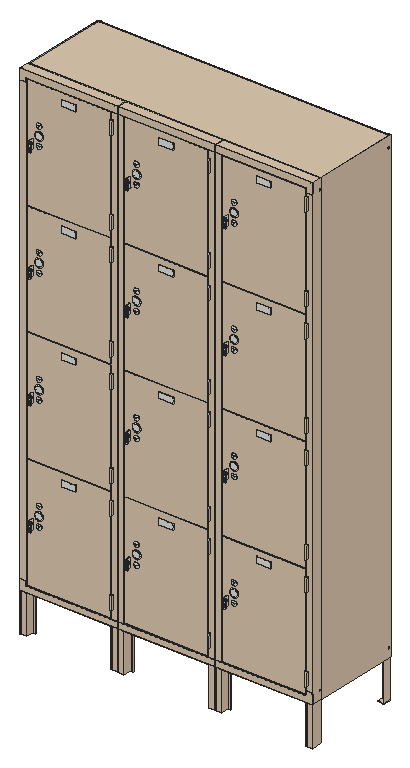
Revit family "Metal_Vented_Lockers-Salsbury_Industries-84000_Series-3_Wide_Units", category Specialty Equipment, Revit 2016 (continued)
Nested families (in)
  nested 65: "Metal Locker Front Base" at (-9.02667, -1.5, 0), type <- "Front Base", type "None"
  nested 66: "Metal Locker Front Base" at (21, -1.5, 0), type <- "Front Base", type "None"
Definition of nested family "Metal Locker Legs - 3 Wide"
  Parameters (values of type "6" High - 45"W x 15"D")
    Width = 45.040"
    Visible = yes
    Version = "1.0 (11/30/15)"
    Type Comments = "Standard Metal Locker Legs"
    Primary Structure Material = none
    Model = "n/a"
    MasterFormat Title = ""
    MasterFormat Number = ""
    Manufacturer = "Salsbury Industries"
    Description = "45\"W x 6\" H x 15\"D"
    Depth = 15.010"
    Height = 6.000"
    Assembly Code = ""
  Types (6): name | Width | Visible | Type Comments | Description | Depth
    6" High - 36" W x 12" D | 36.040" | yes | "Standard Metal Locker Legs" | "36\"W x 6\" H x 12\"D" | 12.010"
    6" High - 36" W x 15" D | 36.040" | yes | "Standard Metal Locker Legs" | "36\"W x 6\" H x 15\"D" | 15.010"
    6" High - 36"W x 18"D | 36.040" | yes | "Standard Metal Locker Legs" | "36\"W x 6\" H x 18\"D" | 18.010"
    6" High - 45"W x 15"D | 45.040" | yes | "Standard Metal Locker Legs" | "45\"W x 6\" H x 15\"D" | 15.010"
    6" High - 45"W x 18"D | 45.040" | yes | "Standard Metal Locker Legs" | "45\"W x 6\" H x 18\"D" | 18.010"
    No Legs | 36.040" | no | "No Legs" | "" | 12.010"
  Reference planes (in)
    plane 1 "Center (Front/Back)": y = 0
    plane 2: z = 0
    plane 3 "Center (Left/Right)": x = 0
    plane 4 "Floor": z = 0
    plane 5 "Bottom of Unit": z = 6
    plane 6 "Left Side of Unit": x = -22.52
    plane 7 "Right Side of Unit": x = 22.52
    plane 8 "Back of Unit": y = 7.505
    plane 9 "Front of Unit": y = -7.505
    plane 10 "Right Side of Door Opening": x = 21.52
    plane 11 "Left Side of Door Opening": x = -21.52
    plane 12 "Top of back legs": z = 6.185
    plane 13 "Back Edge of Front Facing": y = -5.917
    plane 14 "Inside Edge of Front Leg": x = -21.08
    plane 15 "Inside Edge of Right Leg": x = 21.08
    plane 16: y = -6.32
    plane 17 "Back Edge of Rear Legs": y = 7.395
    plane 18 "Right Edge of Rear Right Leg": x = 22.4
    plane 19 "Left Edge or Rear Left Leg": x = -22.4
    plane 20: y = 6.395
    plane 21 "Inside Edge or Rear Right Leg": x = 21.4
    plane 22 "Inside Edge or Left Rear Leg": x = -21.4
    plane 23: x = 7.50667
    plane 24: x = -7.50667
  Forms (in)
    Extrusion 1, solid, material <- "Primary Structure Material", visible <- "Visible"
      sketch origin (0, 0, 0) x (0, -1, 0) y (1, 0, 0)
        loop
          line (5.917, 22.52) -> (5.917, 22.46) -> (7.445, 22.46) -> (7.445, 21.58) -> (6.26, 21.58) -> (6.26, 21.08) -> (6.32, 21.08) -> (6.32, 21.52) -> (7.505, 21.52) -> (7.505, 22.52) -> (5.917, 22.52)
      from 0 to 6
    Extrusion 2, solid, material <- "Primary Structure Material", visible <- "Visible"
      sketch origin (0, 0, 0) x (0, -1, 0) y (1, 0, 0)
        loop
          line (5.917, -22.52) -> (7.505, -22.52) -> (7.505, -21.52) -> (6.32, -21.52) -> (6.32, -21.08) -> (6.26, -21.08) -> (6.26, -21.58) -> (7.445, -21.58) -> (7.445, -22.46) -> (5.917, -22.46) -> (5.917, -22.52)
      from 0 to 6
    Extrusion 3, solid, material <- "Primary Structure Material", visible <- "Visible"
      sketch origin (0, 0, 0) x (0, -1, 0) y (1, 0, 0)
        loop
          line (-7.395, 22.4) -> (-7.395, 21.4) -> (-7.335, 21.4) -> (-7.335, 22.34) -> (-6.395, 22.34) -> (-6.395, 22.4) -> (-7.395, 22.4)
      from 0.06 to 6.185
    Extrusion 4, solid, material <- "Primary Structure Material", visible <- "Visible"
      sketch origin (0, 0, 0) x (0, -1, 0) y (1, 0, 0)
        loop
          line (-7.395, 22.4) -> (-7.395, 21.4) -> (-6.395, 21.4) -> (-6.395, 22.4) -> (-7.395, 22.4)
      from 0 to 0.06
    Extrusion 5, solid, material <- "Primary Structure Material", visible <- "Visible"
      sketch origin (0, 0, 0) x (0, -1, 0) y (1, 0, 0)
        loop
          line (-7.395, -22.4) -> (-6.395, -22.4) -> (-6.395, -22.34) -> (-7.335, -22.34) -> (-7.335, -21.4) -> (-7.395, -21.4) -> (-7.395, -22.4)
      from 0.06 to 6.185
    Extrusion 6, solid, material <- "Primary Structure Material", visible <- "Visible"
      sketch origin (0, 0, 0) x (0, -1, 0) y (1, 0, 0)
        loop
          line (-7.395, -22.4) -> (-6.395, -22.4) -> (-6.395, -21.4) -> (-7.395, -21.4) -> (-7.395, -22.4)
      from 0 to 0.06
    Extrusion 7, solid, material <- "Primary Structure Material", visible <- "Visible"
      sketch origin (12, 0, 0) x (0, -1, 0) y (1, 0, 0)
        loop
          line (5.917, -19.50667) -> (7.505, -19.50667) -> (7.505, -18.50667) -> (6.32, -18.50667) -> (6.32, -18.06667) -> (6.26, -18.06667) -> (6.26, -18.56667) -> (7.445, -18.56667) -> (7.445, -19.44667) -> (5.917, -19.44667) -> (5.917, -19.50667)
      from 0 to 6
    Extrusion 8, solid, material <- "Primary Structure Material", visible <- "Visible"
      sketch origin (24.04, 0, 0) x (0, -1, 0) y (1, 0, 0)
        loop
          line (5.917, -16.53333) -> (7.505, -16.53333) -> (7.505, -15.53333) -> (6.32, -15.53333) -> (6.32, -15.09333) -> (6.26, -15.09333) -> (6.26, -15.59333) -> (7.445, -15.59333) -> (7.445, -16.47333) -> (5.917, -16.47333) -> (5.917, -16.53333)
      from 0 to 6
    Extrusion 9, solid, material <- "Primary Structure Material", visible <- "Visible"
      sketch origin (-12, 0, 0) x (0, -1, 0) y (1, 0, 0)
        loop
          line (5.917, 19.50667) -> (5.917, 19.44667) -> (7.445, 19.44667) -> (7.445, 18.56667) -> (6.26, 18.56667) -> (6.26, 18.06667) -> (6.32, 18.06667) -> (6.32, 18.50667) -> (7.505, 18.50667) -> (7.505, 19.50667) -> (5.917, 19.50667)
      from 0 to 6
    Extrusion 10, solid, material <- "Primary Structure Material", visible <- "Visible"
      sketch origin (-24.04, 0, 0) x (0, -1, 0) y (1, 0, 0)
        loop
          line (5.917, 16.53333) -> (5.917, 16.47333) -> (7.445, 16.47333) -> (7.445, 15.59333) -> (6.26, 15.59333) -> (6.26, 15.09333) -> (6.32, 15.09333) -> (6.32, 15.53333) -> (7.505, 15.53333) -> (7.505, 16.53333) -> (5.917, 16.53333)
      from 0 to 6
  Dimensions and locks (in)
    equal spacing: plane 6 "Left Side of Unit", plane 3 "Center (Left/Right)", plane 7 "Right Side of Unit"
    "Width": plane 6 "Left Side of Unit" to plane 7 "Right Side of Unit"
    "Height": plane 5 "Bottom of Unit" to plane 4 "Floor"
    equal spacing: plane 9 "Front of Unit", plane 1 "Center (Front/Back)", plane 8 "Back of Unit"
    "Depth": plane 9 "Front of Unit" to plane 8 "Back of Unit"
    plane 12 "Top of back legs" to plane 5 "Bottom of Unit" = 0.185"
    plane 6 "Left Side of Unit" to plane 11 "Left Side of Door Opening" = 1.000"
    plane 10 "Right Side of Door Opening" to plane 7 "Right Side of Unit" = 1.000"
    locked: plane 9 "Front of Unit" to plane 13 "Back Edge of Front Facing" at 1.588
    plane 11 "Left Side of Door Opening" to plane 14 "Inside Edge of Front Leg" = 0.440"
    plane 15 "Inside Edge of Right Leg" to plane 10 "Right Side of Door Opening" = 0.440"
    plane 9 "Front of Unit" to plane 16 = 1.185"
    plane 15 "Inside Edge of Right Leg" to plane 21 "Inside Edge or Rear Right Leg" to plane 10 "Right Side of Door Opening" to plane 18 "Right Edge of Rear Right Leg" to plane 7 "Right Side of Unit" = 0.320", 0.120", 0.880", 0.120"
    plane 6 "Left Side of Unit" to plane 19 "Left Edge or Rear Left Leg" to plane 11 "Left Side of Door Opening" to plane 22 "Inside Edge or Left Rear Leg" to plane 14 "Inside Edge of Front Leg" = 0.120", 0.880", 0.120", 0.320"
    plane 20 to plane 17 "Back Edge of Rear Legs" to plane 8 "Back of Unit" = 1.000", 0.110"
    equal spacing: plane 6 "Left Side of Unit", plane 24, plane 23, plane 7 "Right Side of Unit"
    aligned and locked: level to plane 2
    aligned and locked: Extrusion 3 to Extrusion 4
    aligned and locked: Extrusion 6 to Extrusion 5
    aligned and locked: Extrusion 3 to plane 18 "Right Edge of Rear Right Leg"
    aligned and locked: Extrusion 3 to plane 17 "Back Edge of Rear Legs"
    aligned and locked: Extrusion 5 to plane 19 "Left Edge or Rear Left Leg"
    aligned and locked: plane 17 "Back Edge of Rear Legs" to Extrusion 5
    aligned and locked: plane 5 "Bottom of Unit" to Extrusion 2
    aligned and locked: Extrusion 1 to plane 5 "Bottom of Unit"
    aligned and locked: Extrusion 3 to plane 12 "Top of back legs"
    aligned and locked: plane 12 "Top of back legs" to Extrusion 5
  Automatic sketch dimensions
    plane 13 "Back Edge of Front Facing" to Extrusion 1 sketch curve = 0.000"
    Extrusion 1 sketch curve to plane 15 "Inside Edge of Right Leg" = 0.000"
    plane 16 to Extrusion 1 sketch curve = 0.000"
    Extrusion 1 sketch curve to plane 7 "Right Side of Unit" = 0.000"
    plane 9 "Front of Unit" to Extrusion 1 sketch curve = 0.000"
    Extrusion 1 sketch curve to plane 10 "Right Side of Door Opening" = 0.000"
    Extrusion 1 sketch curve to plane 16 = 0.060"
    Extrusion 1 sketch curve to plane 9 "Front of Unit" = 0.060"
    Extrusion 1 sketch curve to plane 10 "Right Side of Door Opening" = 0.060"
    plane 7 "Right Side of Unit" to Extrusion 1 sketch curve = 0.060"
    Extrusion 2 sketch curve to plane 13 "Back Edge of Front Facing" = 0.000"
    Extrusion 2 sketch curve to plane 14 "Inside Edge of Front Leg" = 0.000"
    Extrusion 2 sketch curve to plane 16 = 0.000"
    Extrusion 2 sketch curve to plane 6 "Left Side of Unit" = 0.000"
    Extrusion 2 sketch curve to plane 9 "Front of Unit" = 0.000"
    Extrusion 2 sketch curve to plane 11 "Left Side of Door Opening" = 0.000"
    plane 16 to Extrusion 2 sketch curve = 0.060"
    plane 9 "Front of Unit" to Extrusion 2 sketch curve = 0.060"
    Extrusion 2 sketch curve to plane 11 "Left Side of Door Opening" = 0.060"
    plane 6 "Left Side of Unit" to Extrusion 2 sketch curve = 0.060"
    plane 17 "Back Edge of Rear Legs" to Extrusion 3 sketch curve = 0.000"
    Extrusion 3 sketch curve to plane 21 "Inside Edge or Rear Right Leg" = 0.000"
    Extrusion 3 sketch curve to plane 18 "Right Edge of Rear Right Leg" = 0.000"
    plane 20 to Extrusion 3 sketch curve = 0.000"
    plane 17 "Back Edge of Rear Legs" to Extrusion 3 sketch curve = 0.060"
    plane 18 "Right Edge of Rear Right Leg" to Extrusion 3 sketch curve = 0.060"
    plane 17 "Back Edge of Rear Legs" to Extrusion 4 sketch curve = 0.000"
    Extrusion 4 sketch curve to plane 18 "Right Edge of Rear Right Leg" = 0.000"
    plane 20 to Extrusion 4 sketch curve = 0.000"
    Extrusion 4 sketch curve to plane 21 "Inside Edge or Rear Right Leg" = 0.000"
    Extrusion 5 sketch curve to plane 17 "Back Edge of Rear Legs" = 0.000"
    Extrusion 5 sketch curve to plane 22 "Inside Edge or Left Rear Leg" = 0.000"
    Extrusion 5 sketch curve to plane 19 "Left Edge or Rear Left Leg" = 0.000"
    Extrusion 5 sketch curve to plane 20 = 0.000"
    Extrusion 5 sketch curve to plane 17 "Back Edge of Rear Legs" = 0.060"
    Extrusion 5 sketch curve to plane 19 "Left Edge or Rear Left Leg" = 0.060"
    Extrusion 6 sketch curve to plane 17 "Back Edge of Rear Legs" = 0.000"
    Extrusion 6 sketch curve to plane 19 "Left Edge or Rear Left Leg" = 0.000"
    Extrusion 6 sketch curve to plane 20 = 0.000"
    Extrusion 6 sketch curve to plane 22 "Inside Edge or Left Rear Leg" = 0.000"
    plane 13 "Back Edge of Front Facing" to Extrusion 7 sketch curve = 0.000"
    plane 16 to Extrusion 7 sketch curve = 0.000"
    plane 9 "Front of Unit" to Extrusion 7 sketch curve = 0.000"
    Extrusion 7 sketch curve to plane 24 = 0.000"
    plane 16 to Extrusion 7 sketch curve = 0.060"
    plane 9 "Front of Unit" to Extrusion 7 sketch curve = 0.060"
    plane 24 to Extrusion 7 sketch curve = 0.060"
    plane 24 to Extrusion 7 sketch curve = 0.940"
    Extrusion 7 sketch curve to Extrusion 7 sketch curve = 0.060"
    Extrusion 7 sketch curve to Extrusion 7 sketch curve = 0.440"
    plane 13 "Back Edge of Front Facing" to Extrusion 8 sketch curve = 0.000"
    plane 16 to Extrusion 8 sketch curve = 0.000"
    plane 9 "Front of Unit" to Extrusion 8 sketch curve = 0.000"
    Extrusion 8 sketch curve to plane 23 = 0.000"
    plane 16 to Extrusion 8 sketch curve = 0.060"
    plane 9 "Front of Unit" to Extrusion 8 sketch curve = 0.060"
    plane 23 to Extrusion 8 sketch curve = 0.060"
    plane 23 to Extrusion 8 sketch curve = 0.940"
    Extrusion 8 sketch curve to Extrusion 8 sketch curve = 0.060"
    Extrusion 8 sketch curve to Extrusion 8 sketch curve = 0.440"
    plane 13 "Back Edge of Front Facing" to Extrusion 9 sketch curve = 0.000"
    plane 16 to Extrusion 9 sketch curve = 0.000"
    plane 9 "Front of Unit" to Extrusion 9 sketch curve = 0.000"
    Extrusion 9 sketch curve to plane 23 = 0.000"
    Extrusion 9 sketch curve to plane 16 = 0.060"
    Extrusion 9 sketch curve to plane 9 "Front of Unit" = 0.060"
    plane 23 to Extrusion 9 sketch curve = 0.060"
    plane 23 to Extrusion 9 sketch curve = 0.940"
    Extrusion 9 sketch curve to Extrusion 9 sketch curve = 0.060"
    Extrusion 9 sketch curve to Extrusion 9 sketch curve = 0.440"
    plane 13 "Back Edge of Front Facing" to Extrusion 10 sketch curve = 0.000"
    plane 16 to Extrusion 10 sketch curve = 0.000"
    plane 9 "Front of Unit" to Extrusion 10 sketch curve = 0.000"
    Extrusion 10 sketch curve to plane 24 = 0.000"
    Extrusion 10 sketch curve to plane 16 = 0.060"
    Extrusion 10 sketch curve to plane 9 "Front of Unit" = 0.060"
    plane 24 to Extrusion 10 sketch curve = 0.060"
    plane 24 to Extrusion 10 sketch curve = 0.940"
    Extrusion 10 sketch curve to Extrusion 10 sketch curve = 0.060"
    Extrusion 10 sketch curve to Extrusion 10 sketch curve = 0.440"
Definition of nested family "Vented Metal Locker Doors-15 inch with Latch Hasp"
  Parameters (values of type "Four Tier Door - 6 foot")
    Width = 12.901"
    Visible = yes
    Primary Structure Material = none
    Louver Set Vertical Alignment = 2.731"
    Number Plate Alignment = 0.9375"
    Louver Width = 4.000"
    Hinge 2 Placement = 14.142"
    Hinge 1 Placement = 1.125"
    Height = 17.360"
    Hasp Plate Rivet Material = none
    Hasp Height = 1.438"
    Depth = 0.900"
  Reference planes (in)
    plane 1 "Center (Front/Back)": y = 0
    plane 2 "Bottom of Door": z = 0
    plane 3 "Center (Left/Right)": x = 0
    plane 4 "Center (Top/Bottom)": z = 8.68
    plane 5 "Top of Door": z = 17.36
    plane 6 "Right Side of Door": x = 6.4505
    plane 7 "Left Side of Door": x = -6.4505
    plane 8 "Front of Door": y = -0.45
    plane 9 "Back of Door": y = 0.45
    plane 10 "Top of Number Plate": z = 16.4225
    plane 11 "Top of Hasp Alignment": z = 9.399
    plane 12 "Bottom of Hasp Alignment": z = 7.961
    plane 13 "Left Side of Louvers": x = -2
    plane 14 "Right Side of Louvers": x = 2
    plane 15 "Front of Louvers": y = -0.6375
    plane 16: x = -1.094
    plane 17: x = 1.094
    plane 18: z = 15.4225
    plane 19 "Center Hasp": x = -1.7755
    plane 20 "Top of Hinge 2": z = 3.218
    plane 21 "Top of Hinge 1": z = 16.235
    plane 22 "Left Hasp Hole Align": x = -5.763
    plane 23 "Right Hasp Hole Align": x = -5.513
    plane 24 "Center Hasp Stud Align": z = 10.09841
    plane 25 "Top Hasp Stud Align": z = 11.51682
    plane 26 "Vertical Hasp Stud Align": x = -4.576
    plane 27 "Vertical Center Hasp Align": x = -5.63777
    plane 28: z = 8.08731
    plane 29: z = 2.74873
    plane 30: z = 8.68373
    plane 31: z = 3.93573
    plane 32: z = 3.33931
    plane 33: z = 5.12273
    plane 34: z = 4.52631
    plane 35: z = 3.93573
    plane 36: z = 5.71331
    plane 37: z = 6.30973
    plane 38: z = 6.90031
    plane 39: z = 7.49673
    plane 40: x = -5.26277
    plane 41: x = -5.70027
    plane 42: z = 2.375
  Forms (in)
    Extrusion 1, solid, material <- "Primary Structure Material", visible <- "Visible"
      sketch origin (0, 0, 0) x (1, 0, 0) y (0, 0, 1)
        loop
          line (-6.4505, 17.36) -> (-6.4505, 0) -> (6.4505, 0) -> (6.4505, 17.36) -> (-6.4505, 17.36)
      from -0.45 to 0.45
    Extrusion 2, solid, material <- "Hasp Plate Rivet Material", visible <- "Visible", detail levels medium+fine
      sketch origin (0, -0.45, 0) x (1, 0, 0) y (0, 0, 1)
        loop
          arc (-1.06847, 16.38695) -> (-1.10166, 15.92421) -> (-1.06847, 15.46147) r 3.2426
          arc (-1.06847, 15.46147) -> (0, 15.42272) -> (1.06847, 15.46147) r 14.75
          arc (1.06847, 15.46147) -> (1.10166, 15.92421) -> (1.06847, 16.38695) r 3.2426
          arc (1.06847, 16.38695) -> (0, 16.41487) -> (-1.06847, 16.38695) r 20.45441
      from 0 to 0.03497
    Extrusion 3, void
      sketch origin (-1.7755, -0.13281, 0.04687) x (0, 0, -1) y (0, -1, 0)
        loop
          circle (-8.35677, -0.16411) r 0.2
      from -0.163 to 0.163
    Extrusion 4, solid, material <- "Primary Structure Material", visible <- "Visible", detail levels medium+fine
      sketch origin (0, 0, 16.235) x (0, -1, 0) y (1, 0, 0)
        loop
          line (0.45, 6.4505) -> (0.575, 6.4505)
          arc (0.575, 6.4505) -> (0.7, 6.5755) -> (0.575, 6.7005) r 0.125
          line (0.575, 6.7005) -> (0.45, 6.7005) -> (0.45, 6.4505)
      from 0 to -2
    Extrusion 5, solid, material <- "Primary Structure Material", visible <- "Visible", detail levels medium+fine
      sketch origin (0, 0, 3.218) x (0, -1, 0) y (1, 0, 0)
        loop
          line (0.45, 6.4505) -> (0.575, 6.4505)
          arc (0.575, 6.4505) -> (0.7, 6.5755) -> (0.575, 6.7005) r 0.125
          line (0.575, 6.7005) -> (0.45, 6.7005) -> (0.45, 6.4505)
      from 0 to -2
    Extrusion 6, void
      sketch origin (0, -0.45, 0) x (1, 0, 0) y (0, 0, 1)
        loop
          line (-5.763, 9.399) -> (-5.763, 7.961) -> (-5.513, 7.961) -> (-5.513, 9.399) -> (-5.763, 9.399)
      from -0.9 to 0
    Blend 7, solid, material <- "Hasp Plate Rivet Material", visible <- "Visible", detail levels fine
      base sketch origin (0, -0.45, 0) x (1, 0, 0) y (0, 0, 1)
        loop
          circle (-4.576, 8.68) r 0.375
      top sketch origin (0, -0.45, 0) x (1, 0, 0) y (0, 0, 1)
        loop
          circle (-4.576, 8.68) r 0.09706
      from 0 to 0.03497
    Blend 8, solid, material <- "Hasp Plate Rivet Material", visible <- "Visible", detail levels fine
      base sketch origin (0, -0.45, 2.83682) x (1, 0, 0) y (0, 0, 1)
        loop
          circle (-4.576, 8.68) r 0.375
      top sketch origin (0, -0.45, 2.83682) x (1, 0, 0) y (0, 0, 1)
        loop
          circle (-4.576, 8.68) r 0.09706
      from 0 to 0.03497
    Blend 9, solid, material <- "Hasp Plate Rivet Material", visible <- "Visible", detail levels fine
      base sketch origin (0, -0.45, -0.16841) x (1, 0, 0) y (0, 0, 1)
        loop
          circle (-4.576, 10.26682) r 0.625
      top sketch origin (0, -0.45, -0.16841) x (1, 0, 0) y (0, 0, 1)
        loop
          circle (-4.576, 10.26682) r 0.58088
      from 0 to 0.03497
    Extrusion 10, solid, material <- "Hasp Plate Rivet Material", visible <- "Visible", detail levels fine
      sketch origin (0, 0, 7.961) x (0, -1, 0) y (1, 0, 0)
        loop
          line (-0.45, -5.57527) -> (-0.45, -5.63777) -> (1.2, -5.63777)
          arc (1.2, -5.63777) -> (1.24419, -5.61946) -> (1.2625, -5.57527) r 0.0625
          line (1.2625, -5.57527) -> (1.2625, -5.26277) -> (1.20579, -5.26277) -> (1.20579, -5.5127)
          arc (1.20579, -5.5127) -> (1.18746, -5.55694) -> (1.14322, -5.57527) r 0.06257
          line (1.14322, -5.57527) -> (-0.45, -5.57527)
      from 0 to 1.438
    Extrusion 11, solid, material <- "Hasp Plate Rivet Material", visible <- "Visible", detail levels fine
      sketch origin (0, 0, 7.961) x (0, -1, 0) y (1, 0, 0)
        loop
          line (-0.45, -5.70027) -> (1.2625, -5.70027) -> (1.2625, -5.63777) -> (-0.45, -5.63777) -> (-0.45, -5.70027)
      from 0 to 1.438
    Extrusion 12, void
      sketch origin (-5.513, 0, 0) x (0, 0, -1) y (0, -1, 0)
        loop
          circle (-8.68, 0.82219) r 0.375
      from 0 to 0.25
  Cuts and joins
    Extrusion 3, Extrusion 6 cuts Extrusion 1
    Extrusion 12 cuts Extrusion 10
    Extrusion 12 cuts Extrusion 11
  Lines and regions (in)
    symbolic lines
      curve 1: line (-6.4505, -0.45, 17.36) -> (6.4505, -0.45, 17.36)
      curve 2: line (-6.4505, -0.45, 0) -> (-6.4505, -0.45, 17.36)
      curve 3: line (6.4505, -0.45, 0) -> (-6.4505, -0.45, 0)
      curve 4: line (6.4505, -0.45, 17.36) -> (6.4505, -0.45, 0)
      curve 5: line (-5.763, -0.45, 9.399) -> (-5.26277, -0.45, 9.399)
      curve 6: line (-5.763, -0.45, 7.961) -> (-5.763, -0.45, 9.399)
      curve 7: line (-5.26277, -0.45, 7.961) -> (-5.763, -0.45, 7.961)
      curve 8: line (-5.26277, -0.45, 9.399) -> (-5.26277, -0.45, 7.961)
      curve 9: line (-5.70027, -0.45, 7.961) -> (-5.70027, -0.45, 9.399)
      curve 10: line (-5.513, -0.45, 9.399) -> (-5.513, -1.2625, 9.399)
      curve 11: line (-5.513, -1.2625, 9.399) -> (-5.513, -1.2625, 7.961)
      curve 12: line (-5.513, -1.2625, 7.961) -> (-5.513, -0.45157, 7.961)
      curve 13: line (-5.70027, -0.45, 7.961) -> (-5.63777, -0.45, 7.961)
      curve 14: line (-5.70027, -1.2625, 7.961) -> (-5.70027, -0.45, 7.961)
      curve 15: line (-5.63777, -1.2625, 7.961) -> (-5.70027, -1.2625, 7.961)
      curve 16: line (-5.63777, -0.45, 7.961) -> (-5.63777, -1.2625, 7.961)
      curve 17: line (-5.57527, -0.45, 7.961) -> (-5.57527, -1.14322, 7.961)
      curve 18: line (-5.5127, -1.20579, 7.961) -> (-5.26277, -1.20579, 7.961)
      curve 19: line (-5.26277, -1.20579, 7.961) -> (-5.26277, -1.2625, 7.961)
      curve 20: line (-5.26277, -1.2625, 7.961) -> (-5.57527, -1.2625, 7.961)
      curve 21: arc (-5.5127, -1.20579, 7.961) -> (-5.55694, -1.18746, 7.961) -> (-5.57527, -1.14322, 7.961) r 0.06257
      curve 22: arc (-5.57527, -1.2625, 7.961) -> (-5.61946, -1.24419, 7.961) -> (-5.63777, -1.2, 7.961) r 0.0625
  Dimensions and locks (in)
    equal spacing: plane 5 "Top of Door", plane 4 "Center (Top/Bottom)", plane 2 "Bottom of Door"
    "Height": plane 5 "Top of Door" to plane 2 "Bottom of Door"
    equal spacing: plane 8 "Front of Door", plane 1 "Center (Front/Back)", plane 9 "Back of Door"
    "Depth": plane 8 "Front of Door" to plane 9 "Back of Door"
    equal spacing: plane 7 "Left Side of Door", plane 3 "Center (Left/Right)", plane 6 "Right Side of Door"
    "Width": plane 7 "Left Side of Door" to plane 6 "Right Side of Door"
    "Number Plate Alignment": plane 5 "Top of Door" to plane 10 "Top of Number Plate" to plane 18
    equal spacing: plane 13 "Left Side of Louvers", plane 3 "Center (Left/Right)", plane 14 "Right Side of Louvers"
    "Louver Width": plane 13 "Left Side of Louvers" to plane 14 "Right Side of Louvers"
    plane 25 "Top Hasp Stud Align" to plane 24 "Center Hasp Stud Align" to plane 11 "Top of Hasp Alignment" to plane 4 "Center (Top/Bottom)" to plane 12 "Bottom of Hasp Alignment" = 1.41841", 0.69941", 0.719", 0.719"
    "Hasp Height": plane 11 "Top of Hasp Alignment" to plane 12 "Bottom of Hasp Alignment"
    locked: plane 15 "Front of Louvers" to plane 8 "Front of Door" at 0.1875
    plane 16 to plane 3 "Center (Left/Right)" to plane 17 = 1.094" locked, 1.094" locked
    "Hinge 1 Placement": plane 5 "Top of Door" to plane 21 "Top of Hinge 1"
    "Hinge 2 Placement": plane 5 "Top of Door" to plane 20 "Top of Hinge 2"
    plane 7 "Left Side of Door" to plane 22 "Left Hasp Hole Align" to plane 23 "Right Hasp Hole Align" to plane 26 "Vertical Hasp Stud Align" = 0.6875" locked, 0.250" locked, 0.937" locked
    equal spacing: group 1, group 2, group 3, group 4, group 5, group 6, group 13, group 14, group 15, group 16  (x3)
    equal spacing: group 7, group 8, group 9, group 10, group 11, group 12, group 17, group 18, group 19, group 20  (x3)
    plane 30 to plane 28 to plane 39 to plane 38 to plane 37 to plane 36 to plane 33 to plane 34 to plane 35 to plane 31 to plane 32 to plane 29 = 0.59642", 0.59058", 0.59642", 0.59058", 0.59642", 0.59058", 0.59642", 0.59058", 0.000", 0.59642", 0.59058"
    plane 4 "Center (Top/Bottom)" to plane 28 to plane 29 = 0.59269", 5.33858"
    plane 22 "Left Hasp Hole Align" to plane 27 "Vertical Center Hasp Align" = 0.12523"
    plane 41 to plane 27 "Vertical Center Hasp Align" = 0.0625"
    plane 23 "Right Hasp Hole Align" to plane 40 = 0.25023"
    plane 42 to plane 2 "Bottom of Door" = 2.375"
    aligned and locked: level to plane 2 "Bottom of Door"
    aligned and locked: plane 5 "Top of Door" to Extrusion 1 sketch curve
    aligned and locked: Extrusion 1 sketch curve to plane 7 "Left Side of Door"
    aligned and locked: plane 2 "Bottom of Door" to Extrusion 1 sketch curve
    aligned and locked: plane 6 "Right Side of Door" to Extrusion 1 sketch curve
    aligned and locked: plane 11 "Top of Hasp Alignment" to Extrusion 6 sketch curve
    aligned and locked: Extrusion 6 sketch curve to plane 22 "Left Hasp Hole Align"
    aligned and locked: Extrusion 6 sketch curve to plane 12 "Bottom of Hasp Alignment"
    aligned and locked: plane 23 "Right Hasp Hole Align" to Extrusion 6 sketch curve
    aligned and locked: plane 25 "Top Hasp Stud Align" to Blend 8 sketch curve  (x2)
    aligned and locked: plane 4 "Center (Top/Bottom)" to Blend 7 sketch curve  (x2)
    aligned and locked: plane 24 "Center Hasp Stud Align" to Blend 9 sketch curve  (x2)
    aligned and locked: plane 27 "Vertical Center Hasp Align" to Extrusion 11 sketch curve
    aligned and locked: plane 27 "Vertical Center Hasp Align" to Extrusion 10 sketch curve
    aligned and locked: plane 4 "Center (Top/Bottom)" to Extrusion 12 sketch curve
    aligned and locked: plane 40 to cut or joined group of Extrusion 10, Extrusion 12
    aligned and locked: plane 29 to nested 2
    aligned and locked: plane 31 to nested 3
    aligned and locked: plane 33 to nested 4
    aligned and locked: plane 5 "Top of Door" to curve 1
    aligned and locked: curve 2 to plane 7 "Left Side of Door"
    aligned and locked: curve 3 to cut or joined group of Extrusion 1, Extrusion 3, Extrusion 6
    aligned and locked: curve 4 to cut or joined group of Extrusion 1, Extrusion 3, Extrusion 6
    aligned and locked: curve 5 to cut or joined group of Extrusion 1, Extrusion 3, Extrusion 6
    aligned and locked: curve 6 to cut or joined group of Extrusion 1, Extrusion 3, Extrusion 6
    aligned and locked: curve 7 to plane 12 "Bottom of Hasp Alignment"
    aligned and locked: plane 40 to curve 8
    aligned and locked: curve 9 to cut or joined group of Extrusion 11, Extrusion 12
    aligned and locked: curve 10 to cut or joined group of Extrusion 1, Extrusion 3, Extrusion 6
    aligned and locked: curve 11 to cut or joined group of Extrusion 10, Extrusion 12
    aligned and locked: curve 12 to cut or joined group of Extrusion 10, Extrusion 12
    aligned and locked: curve 14 to cut or joined group of Extrusion 11, Extrusion 12
    aligned and locked: curve 15 to cut or joined group of Extrusion 11, Extrusion 12
    aligned and locked: cut or joined group of Extrusion 11, Extrusion 12 to curve 16
    aligned and locked: cut or joined group of Extrusion 1, Extrusion 3, Extrusion 6 to curve 13
    aligned and locked: plane 8 "Front of Door" to curve 17
    aligned and locked: cut or joined group of Extrusion 10, Extrusion 12 to curve 17
    aligned and locked: curve 18 to cut or joined group of Extrusion 10, Extrusion 12
    aligned and locked: curve 19 to cut or joined group of Extrusion 10, Extrusion 12
    aligned and locked: curve 20 to cut or joined group of Extrusion 10, Extrusion 12
  Automatic sketch dimensions
    Extrusion 2 sketch curve to plane 3 "Center (Left/Right)" = 0.000"  (x2)
    plane 13 "Left Side of Louvers" to Extrusion 2 sketch curve = 0.14094"
    Extrusion 2 sketch curve to plane 14 "Right Side of Louvers" = 0.14094"
    Extrusion 2 sketch curve to level = 4.03954"
    plane 21 "Top of Hinge 1" to Extrusion 2 sketch curve = 0.31079"  (x2)
    Extrusion 2 sketch curve to plane 5 "Top of Door" = 12.81272"
    Extrusion 2 sketch curve to plane 16 = 0.02553"  (x2)
    plane 17 to Extrusion 2 sketch curve = 0.02553"
    Extrusion 2 sketch curve to plane 18 = 0.03897"
    Extrusion 3 sketch curve to plane 1 "Center (Front/Back)" = 0.0313"
    Extrusion 4 sketch curve to plane 6 "Right Side of Door" = 0.000"
    plane 8 "Front of Door" to Extrusion 4 sketch curve = 0.000"
    Extrusion 4 sketch curve to plane 15 "Front of Louvers" = 0.0625"
    Extrusion 4 sketch curve to plane 6 "Right Side of Door" = 0.125"
    Extrusion 5 sketch curve to plane 6 "Right Side of Door" = 0.000"
    plane 8 "Front of Door" to Extrusion 5 sketch curve = 0.000"
    Extrusion 5 sketch curve to plane 15 "Front of Louvers" = 0.0625"
    Extrusion 5 sketch curve to plane 6 "Right Side of Door" = 0.125"
    plane 26 "Vertical Hasp Stud Align" to Blend 7 sketch curve = 0.000"  (x2)
    plane 26 "Vertical Hasp Stud Align" to Blend 8 sketch curve = 0.000"  (x2)
    plane 26 "Vertical Hasp Stud Align" to Blend 9 sketch curve = 0.000"  (x2)
    Extrusion 10 sketch curve to plane 1 "Center (Front/Back)" = 0.450"
    plane 23 "Right Hasp Hole Align" to Extrusion 10 sketch curve = 0.06227"
    Extrusion 10 sketch curve to plane 23 "Right Hasp Hole Align" = 0.0003"
    plane 15 "Front of Louvers" to Extrusion 10 sketch curve = 0.50572"
    Extrusion 10 sketch curve to Extrusion 10 sketch curve = 0.05678"
    Extrusion 10 sketch curve to Extrusion 10 sketch curve = 0.24993"
    plane 9 "Back of Door" to Extrusion 11 sketch curve = 0.000"
    plane 15 "Front of Louvers" to Extrusion 11 sketch curve = 0.625"
    Extrusion 11 sketch curve to plane 22 "Left Hasp Hole Align" = 0.06273"
    Extrusion 10 sketch curve to Extrusion 10 sketch curve = 0.06257"
    plane 15 "Front of Louvers" to Extrusion 12 sketch curve = 0.18469"
    plane 4 "Center (Top/Bottom)" to Extrusion 3 sketch curve = 0.27635"
    curve 10 to plane 8 "Front of Door" = 0.000"
    plane 8 "Front of Door" to curve 12 = 0.00157"
    curve 21 to plane 23 "Right Hasp Hole Align" = 0.0003"
    curve 22 to curve 17 = 0.000"
    radius of Extrusion 3 sketch curve = 0.200"
    radius of Blend 7 sketch curve = 0.375"
    radius of Blend 7 sketch curve = 0.09706"
    radius of Blend 8 sketch curve = 0.375"
    radius of Blend 8 sketch curve = 0.09706"
    radius of Blend 9 sketch curve = 0.625"
    radius of Blend 9 sketch curve = 0.58088"
    radius of Extrusion 12 sketch curve = 0.375"
  Nested families (in)
    nested 1: "Vents - Horizontal 4" at (0.86447, -0.45, -60.20028), type "Vents - Horizontal 4"
    nested 2: "Vents - Horizontal 3" at (0, -0.45, -62.52423), type "Vents - Horizontal 3"
    nested 3: "Vents - Horizontal 3" at (0, -0.45, -61.33723), type "Vents - Horizontal 3"
    nested 4: "Vents - Horizontal 3" at (0, -0.45, -60.15023), type "Vents - Horizontal 3"
    nested 5: "Vents - Horizontal 3" at (0, -0.45, -58.96323), type "Vents - Horizontal 3"
    nested 6: "Vents - Horizontal 3" at (0, -0.45, -57.77623), type "Vents - Horizontal 3"
    nested 7: "Vents - Horizontal 3" at (0, -0.45, -56.58923), type "Vents - Horizontal 3"
    nested 8: "Vents - Horizontal 4" at (0.86447, -0.45, -59.01328), type "Vents - Horizontal 4"
    nested 9: "Vents - Horizontal 4" at (0.86447, -0.45, -57.82628), type "Vents - Horizontal 4"
    nested 10: "Vents - Horizontal 4" at (0.86447, -0.45, -56.63928), type "Vents - Horizontal 4"
    nested 11: "Vents - Horizontal 4" at (0.86447, -0.45, -55.45228), type "Vents - Horizontal 4"
    nested 12: "Vents - Horizontal 4" at (0.86447, -0.45, -54.26528), type "Vents - Horizontal 4"
    nested 13: "Vents - Horizontal 3" at (0, -0.45, -55.40223), type "Vents - Horizontal 3"
    nested 14: "Vents - Horizontal 3" at (0, -0.45, -54.21523), type "Vents - Horizontal 3"
    nested 15: "Vents - Horizontal 3" at (0, -0.45, -53.02823), type "Vents - Horizontal 3"
    nested 16: "Vents - Horizontal 3" at (0, -0.45, -51.84123), type "Vents - Horizontal 3"
    nested 17: "Vents - Horizontal 4" at (0.86447, -0.45, -53.07828), type "Vents - Horizontal 4"
    nested 18: "Vents - Horizontal 4" at (0.86447, -0.45, -51.89128), type "Vents - Horizontal 4"
    nested 19: "Vents - Horizontal 4" at (0.86447, -0.45, -50.70428), type "Vents - Horizontal 4"
    nested 20: "Vents - Horizontal 4" at (0.86447, -0.45, -49.51728), type "Vents - Horizontal 4"
  Definition of nested family "Vents - Horizontal 4"
    Reference planes (in)
      plane 1 "Center (Front/Back)": y = 0
      plane 2: z = 0
      plane 3 "Center (Left/Right)": x = 0
    Lines and regions (in)
      model lines
        curve 1: spline (-2.82036, 0, 63.41385) -> (-2.79123, 0, 63.43156) -> (-2.7668, 0, 63.45089) -> (-2.74745, 0, 63.47156) -> (-2.73347, 0, 63.49324) -> (-2.72507, 0, 63.5156) -> (-2.72239, 0, 63.5383) -> (-2.72547, 0, 63.56099) -> (-2.73427, 0, 63.58331) -> (-2.74863, 0, 63.60493) -> (-2.76835, 0, 63.62552) -> (-2.79312, 0, 63.64475) -> (-2.82257, 0, 63.66233)
        curve 2: line (-2.82036, 0, 63.41385) -> (-3.47246, 0, 63.16223)
        curve 3: line (-2.82257, 0, 63.66233) -> (-3.47173, 0, 63.91272)
        curve 4: spline (-4.12419, 0, 63.41371) -> (-4.15348, 0, 63.43143) -> (-4.17805, 0, 63.45078) -> (-4.19752, 0, 63.47148) -> (-4.21158, 0, 63.49319) -> (-4.22002, 0, 63.51559) -> (-4.22271, 0, 63.53832) -> (-4.21961, 0, 63.56104) -> (-4.21076, 0, 63.5834) -> (-4.1963, 0, 63.60505) -> (-4.17645, 0, 63.62566) -> (-4.15153, 0, 63.64491) -> (-4.12191, 0, 63.6625)
        curve 5: line (-4.12419, 0, 63.41371) -> (-3.47246, 0, 63.16223)
        curve 6: line (-4.12191, 0, 63.6625) -> (-3.47173, 0, 63.91272)
        curve 13: spline (-1.08336, 0, 63.41385) -> (-1.05423, 0, 63.43156) -> (-1.0298, 0, 63.45089) -> (-1.01045, 0, 63.47156) -> (-0.99647, 0, 63.49324) -> (-0.98807, 0, 63.5156) -> (-0.98539, 0, 63.5383) -> (-0.98847, 0, 63.56099) -> (-0.99727, 0, 63.58331) -> (-1.01163, 0, 63.60493) -> (-1.03135, 0, 63.62552) -> (-1.05612, 0, 63.64475) -> (-1.08557, 0, 63.66233)
        curve 14: line (-1.08336, 0, 63.41385) -> (-1.73546, 0, 63.16223)
        curve 15: line (-1.08557, 0, 63.66233) -> (-1.73473, 0, 63.91272)
        curve 16: spline (-2.38719, 0, 63.41371) -> (-2.41648, 0, 63.43143) -> (-2.44105, 0, 63.45078) -> (-2.46052, 0, 63.47148) -> (-2.47458, 0, 63.49319) -> (-2.48302, 0, 63.51559) -> (-2.48571, 0, 63.53832) -> (-2.48261, 0, 63.56104) -> (-2.47376, 0, 63.5834) -> (-2.4593, 0, 63.60505) -> (-2.43945, 0, 63.62566) -> (-2.41453, 0, 63.64491) -> (-2.38491, 0, 63.6625)
        curve 17: line (-2.38719, 0, 63.41371) -> (-1.73546, 0, 63.16223)
        curve 18: line (-2.38491, 0, 63.6625) -> (-1.73473, 0, 63.91272)
        curve 19: spline (0.65364, 0, 63.41385) -> (0.68277, 0, 63.43156) -> (0.7072, 0, 63.45089) -> (0.72655, 0, 63.47156) -> (0.74053, 0, 63.49324) -> (0.74893, 0, 63.5156) -> (0.75161, 0, 63.5383) -> (0.74853, 0, 63.56099) -> (0.73973, 0, 63.58331) -> (0.72537, 0, 63.60493) -> (0.70565, 0, 63.62552) -> (0.68088, 0, 63.64475) -> (0.65143, 0, 63.66233)
        curve 20: line (0.65364, 0, 63.41385) -> (0.00154, 0, 63.16223)
        curve 21: line (0.65143, 0, 63.66233) -> (0.00227, 0, 63.91272)
        curve 22: spline (-0.65019, 0, 63.41371) -> (-0.67948, 0, 63.43143) -> (-0.70405, 0, 63.45078) -> (-0.72352, 0, 63.47148) -> (-0.73758, 0, 63.49319) -> (-0.74602, 0, 63.51559) -> (-0.74871, 0, 63.53832) -> (-0.74561, 0, 63.56104) -> (-0.73676, 0, 63.5834) -> (-0.7223, 0, 63.60505) -> (-0.70245, 0, 63.62566) -> (-0.67753, 0, 63.64491) -> (-0.64791, 0, 63.6625)
        curve 23: line (-0.65019, 0, 63.41371) -> (0.00154, 0, 63.16223)
        curve 24: line (-0.64791, 0, 63.6625) -> (0.00227, 0, 63.91272)
        curve 25: spline (2.39064, 0, 63.41385) -> (2.41977, 0, 63.43156) -> (2.4442, 0, 63.45089) -> (2.46355, 0, 63.47156) -> (2.47753, 0, 63.49324) -> (2.48593, 0, 63.5156) -> (2.48861, 0, 63.5383) -> (2.48553, 0, 63.56099) -> (2.47673, 0, 63.58331) -> (2.46237, 0, 63.60493) -> (2.44265, 0, 63.62552) -> (2.41788, 0, 63.64475) -> (2.38843, 0, 63.66233)
        curve 26: line (2.39064, 0, 63.41385) -> (1.73854, 0, 63.16223)
        curve 27: line (2.38843, 0, 63.66233) -> (1.73927, 0, 63.91272)
        curve 28: spline (1.08681, 0, 63.41371) -> (1.05752, 0, 63.43143) -> (1.03295, 0, 63.45078) -> (1.01348, 0, 63.47148) -> (0.99942, 0, 63.49319) -> (0.99098, 0, 63.51559) -> (0.98829, 0, 63.53832) -> (0.99139, 0, 63.56104) -> (1.00024, 0, 63.5834) -> (1.0147, 0, 63.60505) -> (1.03455, 0, 63.62566) -> (1.05947, 0, 63.64491) -> (1.08909, 0, 63.6625)
        curve 29: line (1.08681, 0, 63.41371) -> (1.73854, 0, 63.16223)
        curve 30: line (1.08909, 0, 63.6625) -> (1.73927, 0, 63.91272)
      model lines, not visible
        curve 7: spline (6.02, -6.45464, 72.16015) -> (6.02, -6.43694, 72.13102) -> (6.02, -6.4176, 72.10659) -> (6.02, -6.39694, 72.08724) -> (6.02, -6.37525, 72.07326) -> (6.02, -6.35289, 72.06486) -> (6.02, -6.33019, 72.06219) -> (6.02, -6.30751, 72.06527) -> (6.02, -6.28518, 72.07406) -> (6.02, -6.26356, 72.08842) -> (6.02, -6.24298, 72.10814) -> (6.02, -6.22375, 72.13292) -> (6.02, -6.20617, 72.16236)
        curve 8: line (6.02, -6.45464, 72.16015) -> (6.02, -6.70626, 72.81225)
        curve 9: line (6.02, -6.20617, 72.16236) -> (6.02, -5.95577, 72.81152)
        curve 10: spline (6.02, -6.45479, 73.46398) -> (6.02, -6.43707, 73.49327) -> (6.02, -6.41771, 73.51784) -> (6.02, -6.39702, 73.53731) -> (6.02, -6.3753, 73.55137) -> (6.02, -6.35291, 73.55981) -> (6.02, -6.33017, 73.5625) -> (6.02, -6.30745, 73.5594) -> (6.02, -6.28509, 73.55055) -> (6.02, -6.26344, 73.53609) -> (6.02, -6.24283, 73.51624) -> (6.02, -6.22359, 73.49132) -> (6.02, -6.20599, 73.4617)
        curve 11: line (6.02, -6.45479, 73.46398) -> (6.02, -6.70626, 72.81225)
        curve 12: line (6.02, -6.20599, 73.4617) -> (6.02, -5.95577, 72.81152)
      reference lines
        curve 31: line (-4.2823, 0, 63.53959) -> (2.55336, 0, 63.53959)
    Dimensions and locks (in)
      equal spacing: group 2, group 3, group 4, group 5  (x3)
      aligned and locked: level to plane 2
  Definition of nested family "Vents - Horizontal 3"
    Reference planes (in)
      plane 1 "Center (Front/Back)": y = 0
      plane 2: z = 0
      plane 3 "Center (Left/Right)": x = 0
    Lines and regions (in)
      model lines
        curve 1: spline (1.08625, 0, 65.3981) -> (1.05712, 0, 65.3804) -> (1.03269, 0, 65.36106) -> (1.01334, 0, 65.34039) -> (0.99936, 0, 65.31871) -> (0.99096, 0, 65.29635) -> (0.98829, 0, 65.27365) -> (0.99137, 0, 65.25097) -> (1.00016, 0, 65.22864) -> (1.01452, 0, 65.20702) -> (1.03424, 0, 65.18644) -> (1.05902, 0, 65.16721) -> (1.08846, 0, 65.14963)
        curve 2: line (1.08625, 0, 65.3981) -> (1.73835, 0, 65.64972)
        curve 3: line (1.08846, 0, 65.14963) -> (1.73762, 0, 64.89923)
        curve 4: spline (2.39008, 0, 65.39825) -> (2.41937, 0, 65.38053) -> (2.44394, 0, 65.36117) -> (2.46341, 0, 65.34048) -> (2.47747, 0, 65.31876) -> (2.48591, 0, 65.29637) -> (2.4886, 0, 65.27363) -> (2.4855, 0, 65.25091) -> (2.47665, 0, 65.22855) -> (2.46219, 0, 65.2069) -> (2.44234, 0, 65.18629) -> (2.41742, 0, 65.16704) -> (2.3878, 0, 65.14945)
        curve 5: line (2.39008, 0, 65.39825) -> (1.73835, 0, 65.64972)
        curve 6: line (2.3878, 0, 65.14945) -> (1.73762, 0, 64.89923)
        curve 13: spline (-0.65075, 0, 65.3981) -> (-0.67988, 0, 65.3804) -> (-0.70431, 0, 65.36106) -> (-0.72366, 0, 65.34039) -> (-0.73764, 0, 65.31871) -> (-0.74604, 0, 65.29635) -> (-0.74871, 0, 65.27365) -> (-0.74563, 0, 65.25097) -> (-0.73684, 0, 65.22864) -> (-0.72248, 0, 65.20702) -> (-0.70276, 0, 65.18644) -> (-0.67798, 0, 65.16721) -> (-0.64854, 0, 65.14963)
        curve 14: line (-0.65075, 0, 65.3981) -> (0.00135, 0, 65.64972)
        curve 15: line (-0.64854, 0, 65.14963) -> (0.00062, 0, 64.89923)
        curve 16: spline (0.65308, 0, 65.39825) -> (0.68237, 0, 65.38053) -> (0.70694, 0, 65.36117) -> (0.72641, 0, 65.34048) -> (0.74047, 0, 65.31876) -> (0.74891, 0, 65.29637) -> (0.7516, 0, 65.27363) -> (0.7485, 0, 65.25091) -> (0.73965, 0, 65.22855) -> (0.72519, 0, 65.2069) -> (0.70534, 0, 65.18629) -> (0.68042, 0, 65.16704) -> (0.6508, 0, 65.14945)
        curve 17: line (0.65308, 0, 65.39825) -> (0.00135, 0, 65.64972)
        curve 18: line (0.6508, 0, 65.14945) -> (0.00062, 0, 64.89923)
        curve 19: spline (-2.38775, 0, 65.3981) -> (-2.41688, 0, 65.3804) -> (-2.44131, 0, 65.36106) -> (-2.46066, 0, 65.34039) -> (-2.47464, 0, 65.31871) -> (-2.48304, 0, 65.29635) -> (-2.48571, 0, 65.27365) -> (-2.48263, 0, 65.25097) -> (-2.47384, 0, 65.22864) -> (-2.45948, 0, 65.20702) -> (-2.43976, 0, 65.18644) -> (-2.41498, 0, 65.16721) -> (-2.38554, 0, 65.14963)
        curve 20: line (-2.38775, 0, 65.3981) -> (-1.73565, 0, 65.64972)
        curve 21: line (-2.38554, 0, 65.14963) -> (-1.73638, 0, 64.89923)
        curve 22: spline (-1.08392, 0, 65.39825) -> (-1.05463, 0, 65.38053) -> (-1.03006, 0, 65.36117) -> (-1.01059, 0, 65.34048) -> (-0.99653, 0, 65.31876) -> (-0.98809, 0, 65.29637) -> (-0.9854, 0, 65.27363) -> (-0.9885, 0, 65.25091) -> (-0.99735, 0, 65.22855) -> (-1.01181, 0, 65.2069) -> (-1.03166, 0, 65.18629) -> (-1.05658, 0, 65.16704) -> (-1.0862, 0, 65.14945)
        curve 23: line (-1.08392, 0, 65.39825) -> (-1.73565, 0, 65.64972)
        curve 24: line (-1.0862, 0, 65.14945) -> (-1.73638, 0, 64.89923)
      model lines, not visible
        curve 7: spline (6.02, -6.45464, 72.16015) -> (6.02, -6.43694, 72.13102) -> (6.02, -6.4176, 72.10659) -> (6.02, -6.39694, 72.08724) -> (6.02, -6.37525, 72.07326) -> (6.02, -6.35289, 72.06486) -> (6.02, -6.33019, 72.06219) -> (6.02, -6.30751, 72.06527) -> (6.02, -6.28518, 72.07406) -> (6.02, -6.26356, 72.08842) -> (6.02, -6.24298, 72.10814) -> (6.02, -6.22375, 72.13292) -> (6.02, -6.20617, 72.16236)
        curve 8: line (6.02, -6.45464, 72.16015) -> (6.02, -6.70626, 72.81225)
        curve 9: line (6.02, -6.20617, 72.16236) -> (6.02, -5.95577, 72.81152)
        curve 10: spline (6.02, -6.45479, 73.46398) -> (6.02, -6.43707, 73.49327) -> (6.02, -6.41771, 73.51784) -> (6.02, -6.39702, 73.53731) -> (6.02, -6.3753, 73.55137) -> (6.02, -6.35291, 73.55981) -> (6.02, -6.33017, 73.5625) -> (6.02, -6.30745, 73.5594) -> (6.02, -6.28509, 73.55055) -> (6.02, -6.26344, 73.53609) -> (6.02, -6.24283, 73.51624) -> (6.02, -6.22359, 73.49132) -> (6.02, -6.20599, 73.4617)
        curve 11: line (6.02, -6.45479, 73.46398) -> (6.02, -6.70626, 72.81225)
        curve 12: line (6.02, -6.20599, 73.4617) -> (6.02, -5.95577, 72.81152)
      reference lines
        curve 25: line (-2.54644, 0, 65.27296) -> (2.54933, 0, 65.27296)
    Dimensions and locks (in)
      equal spacing: group 4, group 3, group 2  (x2)
      equal spacing: group 2, group 3, group 4
      aligned and locked: level to plane 2
Definition of nested family "Metal Locker Front Base"
  Parameters (values of type "77745 - for 15" W Lockers with Legs")
    Width = 13.040"
    Visible [instance] = yes
    Version = "1.0 (11/30/15)"
    Type Comments = "Front Base for Standard Metal Lockers"
    Primary Structure Material = none
    Model = "77745"
    MasterFormat Title = ""
    MasterFormat Number = ""
    Manufacturer = "Salsbury Industries"
    Description = "Front Base for 15\" Wide Lockers"
    Depth = 1.185"
    Height = 6.000"
    Assembly Code = ""
  Types (3): name | Width | Visible | Model | Description
    77742 - for 12" W Lockers with Legs | 10.040" | yes | "77742" | "Front Base for 12\" Wide Lockers"
    77745 - for 15" W Lockers with Legs | 13.040" | yes | "77745" | "Front Base for 15\" Wide Lockers"
    None | 10.040" | no | "77742" | "Front Base for 12\" Wide Lockers"
  Reference planes (in)
    plane 1 "Center (Front/Back)": y = -5.417
    plane 2: z = 0
    plane 3 "Center (Left/Right)": x = 0
    plane 4 "Floor": z = 0
    plane 5 "Top of Enclosure": z = 6
    plane 6 "Front of Enclosure": y = -6.005
    plane 7 "Right Side of Enclosure": x = 6.52
    plane 8 "Left Side of Enclosure": x = -6.52
    plane 9 "Back of Enclosure": y = -4.82
  Forms (in)
    Extrusion 1, solid, material <- "Primary Structure Material", visible <- "Visible"
      sketch origin (0, -6.005, 0) x (1, 0, 0) y (0, 0, 1)
        loop
          line (-6.52, 6) -> (-6.52, 0) -> (6.52, 0) -> (6.52, 6) -> (-6.52, 6)
      from -0.06 to 0
    Extrusion 2, solid, material <- "Primary Structure Material", visible <- "Visible"
      sketch origin (0, 0, 0) x (0, 1, 0) y (0, 0, 1)
        loop
          line (-5.945, 6) -> (-5.945, 5.94) -> (-4.82, 5.94) -> (-4.82, 6) -> (-5.945, 6)
      from -6.52 to 6.52
    Extrusion 3, solid, material <- "Primary Structure Material", visible <- "Visible"
      sketch origin (6.52, 0, 0) x (0, 0, -1) y (0, -1, 0)
        loop
          line (-5.75, 5.945) -> (-5.75, 4.82) -> (-0.25, 4.82) -> (-0.25, 5.945) -> (-5.75, 5.945)
      from 0 to 0.06
    Extrusion 4, solid, material <- "Primary Structure Material", visible <- "Visible"
      sketch origin (-6.52, 0, 0) x (0, 0, -1) y (0, -1, 0)
        loop
          line (-5.75, 5.945) -> (-5.75, 4.82) -> (-0.25, 4.82) -> (-0.25, 5.945) -> (-5.75, 5.945)
      from 0 to -0.06
  Dimensions and locks (in)
    "Height": plane 5 "Top of Enclosure" to plane 4 "Floor"
    plane 6 "Front of Enclosure" to plane 1 "Center (Front/Back)" = 0.588"
    "Depth": plane 6 "Front of Enclosure" to plane 9 "Back of Enclosure"
    equal spacing: plane 8 "Left Side of Enclosure", plane 3 "Center (Left/Right)", plane 7 "Right Side of Enclosure"
    "Width": plane 8 "Left Side of Enclosure" to plane 7 "Right Side of Enclosure"
    aligned and locked: level to plane 2
    aligned and locked: plane 8 "Left Side of Enclosure" to Extrusion 2
    aligned and locked: Extrusion 2 to plane 7 "Right Side of Enclosure"
    aligned and locked: Extrusion 1 to plane 7 "Right Side of Enclosure"
  Automatic sketch dimensions
    Extrusion 1 sketch curve to Extrusion 1 sketch curve = 13.040"
    Extrusion 1 sketch curve to Extrusion 1 sketch curve = 6.000"
    Extrusion 2 sketch curve to Extrusion 2 sketch curve = 1.125"
    Extrusion 2 sketch curve to Extrusion 2 sketch curve = 0.060"
    Extrusion 3 sketch curve to Extrusion 3 sketch curve = 5.500"
    Extrusion 3 sketch curve to Extrusion 3 sketch curve = 1.125"
    Extrusion 4 sketch curve to Extrusion 4 sketch curve = 5.500"
    Extrusion 4 sketch curve to Extrusion 4 sketch curve = 1.125"
    Extrusion 1 sketch curve to level = 0.000"
    plane 8 "Left Side of Enclosure" to Extrusion 1 sketch curve = 0.000"
    plane 5 "Top of Enclosure" to Extrusion 2 sketch curve = 0.000"
    Extrusion 2 sketch curve to plane 9 "Back of Enclosure" = 0.000"
    Extrusion 3 sketch curve to plane 9 "Back of Enclosure" = 0.000"
    plane 5 "Top of Enclosure" to Extrusion 3 sketch curve = 0.250"
    Extrusion 4 sketch curve to plane 9 "Back of Enclosure" = 0.000"
    plane 5 "Top of Enclosure" to Extrusion 4 sketch curve = 0.250"
Definition of nested family "Metal Locker Right Side Base"
  Parameters (values of type "77732 Right - for 12" D Lockers with Legs")
    Width including Rivet [instance] = 1.290"
    Visible = yes
    Primary Structure Material = none
    Depth = 10.422"
    Version = "1.0 (11/30/15)"
    Type Comments = "End Base for Standard Metal Lockers"
    Model = "77732"
    MasterFormat Title = ""
    MasterFormat Number = ""
    Manufacturer = "Salsbury Industries"
    Description = "1.25\"W x 6\" H x 10\"D"
    Width = 1.250"
    Height = 6.000"
    Assembly Code = ""
  Types (4): name | Visible | Depth | Model | Description
    77732 Right - for 12" D Lockers with Legs | yes | 10.422" | "77732" | "1.25\"W x 6\" H x 10\"D"
    77735 Right - for 15" D Lockers with Legs | yes | 13.422" | "77735" | "1.25\"W x 6\" H x 13\"D"
    77738 Right - for 18" D Lockers with Legs | yes | 16.422" | "77738" | "1.25\"W x 6\" H x 16\"D"
    None | no | 10.422" | "" | ""
  Reference planes (in)
    plane 1 "Center (Front/Back)": y = 0
    plane 2: z = 0
    plane 3 "Center (Left/Right)": x = 5.395
    plane 4 "Floor": z = 0
    plane 5 "Top of Enclosure": z = 6
    plane 6 "Left Side of Unit": x = 4.77
    plane 7 "Right Side of Unit": x = 6.02
    plane 8 "Left Edge of Enclosure": y = -5.211
    plane 9 "Right Edge of Enclosure": y = 5.211
    plane 10 "Left Edge of Insert": y = -6.27647
    plane 11 "Right Edge of Insert": y = -5.15147
    plane 12 "Rivet Edge": x = 6.06
  Forms (in)
    Extrusion 1, solid, material <- "Primary Structure Material", visible <- "Visible"
      sketch origin (6.02, 0, 0) x (0, 0, -1) y (0, -1, 0)
        loop
          line (-6, 5.211) -> (-6, -5.211) -> (0, -5.211) -> (0, 5.211) -> (-6, 5.211)
      from 0 to 0.06
    Extrusion 2, solid, material <- "Primary Structure Material", visible <- "Visible"
      sketch origin (0, 0, 6) x (0, -1, 0) y (1, 0, 0)
        loop
          line (5.15147, 5.96) -> (5.15147, 5.9) -> (6.27647, 5.9) -> (6.27647, 5.96) -> (5.15147, 5.96)
      from -6 to 0
    Extrusion 3, solid, material <- "Primary Structure Material", visible <- "Visible"
      sketch origin (6.02, 0, 0) x (0, 0, -1) y (0, -1, 0)
        loop
          line (-6, 4.90147) -> (-6, -3.961) -> (-5.94, -3.961) -> (-5.94, 4.90147) -> (-6, 4.90147)
      from 0.06 to 1.25
    Extrusion 4, solid, material <- "Primary Structure Material", visible <- "Visible"
      sketch origin (6.02, 0, -5.94) x (0, 0, -1) y (0, -1, 0)
        loop
          line (-6, 4.90147) -> (-6, -3.961) -> (-5.94, -3.961) -> (-5.94, 4.90147) -> (-6, 4.90147)
      from 0.06 to 1.25
  Dimensions and locks (in)
    "Height": plane 5 "Top of Enclosure" to plane 4 "Floor"
    plane 10 "Left Edge of Insert" to plane 8 "Left Edge of Enclosure" to plane 11 "Right Edge of Insert" = 1.06547" locked, 0.05953" locked
    equal spacing: plane 8 "Left Edge of Enclosure", plane 1 "Center (Front/Back)", plane 9 "Right Edge of Enclosure"
    "Depth": plane 8 "Left Edge of Enclosure" to plane 9 "Right Edge of Enclosure"
    equal spacing: plane 6 "Left Side of Unit", plane 3 "Center (Left/Right)", plane 7 "Right Side of Unit"
    "Width": plane 6 "Left Side of Unit" to plane 7 "Right Side of Unit"
    locked: plane 7 "Right Side of Unit" to plane 12 "Rivet Edge" at 0.04
    "Width including Rivet": plane 6 "Left Side of Unit" to plane 12 "Rivet Edge"
    aligned and locked: level to plane 2
    aligned and locked: plane 11 "Right Edge of Insert" to Extrusion 2
    aligned and locked: plane 10 "Left Edge of Insert" to Extrusion 2
    aligned and locked: Extrusion 3 to Extrusion 1
    aligned and locked: plane 6 "Left Side of Unit" to Extrusion 3
  Automatic sketch dimensions
    plane 5 "Top of Enclosure" to Extrusion 1 sketch curve = 0.000"
    Extrusion 1 sketch curve to level = 0.000"
    Extrusion 2 sketch curve to plane 8 "Left Edge of Enclosure" = 0.05953"
    plane 7 "Right Side of Unit" to Extrusion 2 sketch curve = 0.120"
    Extrusion 2 sketch curve to Extrusion 2 sketch curve = 0.060"
    Extrusion 1 sketch curve to plane 8 "Left Edge of Enclosure" = 0.000"
    Extrusion 1 sketch curve to plane 9 "Right Edge of Enclosure" = 0.000"
    plane 10 "Left Edge of Insert" to Extrusion 2 sketch curve = 0.000"
    plane 5 "Top of Enclosure" to Extrusion 3 sketch curve = 0.000"
    Extrusion 3 sketch curve to Extrusion 3 sketch curve = 0.060"
    plane 9 "Right Edge of Enclosure" to Extrusion 3 sketch curve = 1.250"
    Extrusion 3 sketch curve to plane 11 "Right Edge of Insert" = 0.250"
    Extrusion 4 sketch curve to level = 0.000"
    level to Extrusion 4 sketch curve = 0.060"
    plane 9 "Right Edge of Enclosure" to Extrusion 4 sketch curve = 1.250"
    Extrusion 4 sketch curve to plane 11 "Right Edge of Insert" = 0.250"
Definition of nested family "Metal Locker Left Side Base"
  Parameters (values of type "77732 Left - for 12" D Lockers with Legs")
    Width including Rivet [instance] = 1.290"
    Visible = yes
    Primary Structure Material = none
    Depth = 10.422"
    Version = "1.0 (11/30/15)"
    Type Comments = "End Base for Standard Metal Lockers"
    Model = "77732"
    MasterFormat Title = ""
    MasterFormat Number = ""
    Manufacturer = "Salsbury Industries"
    Description = "1.25\"W x 6\" H x 10\"D"
    Width = 1.250"
    Height = 6.000"
    Assembly Code = ""
  Types (4): name | Visible | Depth | Model | Description
    77732 Left - for 12" D Lockers with Legs | yes | 10.422" | "77732" | "1.25\"W x 6\" H x 10\"D"
    77735 Left - for 15" D Lockers with Legs | yes | 13.422" | "77735" | "1.25\"W x 6\" H x 13\"D"
    77738 Left - for 18" D Lockers with Legs | yes | 16.422" | "77738" | "1.25\"W x 6\" H x 16\"D"
    None | no | 10.422" | "" | ""
  Reference planes (in)
    plane 1 "Center (Front/Back)": y = 0
    plane 2: z = 0
    plane 3 "Center (Left/Right)": x = 5.395
    plane 4 "Floor": z = 0
    plane 5 "Top of Enclosure": z = 6
    plane 6 "Left Side of Unit": x = 4.77
    plane 7 "Right Side of Unit": x = 6.02
    plane 8 "Left Edge of Enclosure": y = -5.211
    plane 9 "Right Edge of Enclosure": y = 5.211
    plane 10 "Left Edge of Insert": y = -6.27647
    plane 11 "Right Edge of Insert": y = -5.15147
    plane 12 "Edge of Rivet": x = 4.73
  Forms (in)
    Extrusion 1, solid, material <- "Primary Structure Material", visible <- "Visible"
      sketch origin (6.02, 0, 0) x (0, 0, -1) y (0, -1, 0)
        loop
          line (-6, 4.90147) -> (-6, -3.961) -> (-5.94, -3.961) -> (-5.94, 4.90147) -> (-6, 4.90147)
      from 0 to 1.19
    Extrusion 2, solid, material <- "Primary Structure Material", visible <- "Visible"
      sketch origin (6.02, 0, -5.94) x (0, 0, -1) y (0, -1, 0)
        loop
          line (-6, 4.90147) -> (-6, -3.961) -> (-5.94, -3.961) -> (-5.94, 4.90147) -> (-6, 4.90147)
      from 0 to 1.19
    Extrusion 3, solid, material <- "Primary Structure Material", visible <- "Visible"
      sketch origin (4.77, 0, 0) x (0, 0, -1) y (0, 1, 0)
        loop
          line (-6, -5.211) -> (0, -5.211) -> (0, 5.211) -> (-6, 5.211) -> (-6, -5.211)
      from 0 to 0.06
    Extrusion 4, solid, material <- "Primary Structure Material", visible <- "Visible"
      sketch origin (10.79, 0, 6) x (0, -1, 0) y (1, 0, 0)
        loop
          line (5.15147, -5.96) -> (6.27647, -5.96) -> (6.27647, -5.9) -> (5.15147, -5.9) -> (5.15147, -5.96)
      from -6 to 0
  Dimensions and locks (in)
    "Height": plane 5 "Top of Enclosure" to plane 4 "Floor"
    plane 10 "Left Edge of Insert" to plane 8 "Left Edge of Enclosure" to plane 11 "Right Edge of Insert" = 1.06547" locked, 0.05953" locked
    equal spacing: plane 8 "Left Edge of Enclosure", plane 1 "Center (Front/Back)", plane 9 "Right Edge of Enclosure"
    "Depth": plane 8 "Left Edge of Enclosure" to plane 9 "Right Edge of Enclosure"
    equal spacing: plane 6 "Left Side of Unit", plane 3 "Center (Left/Right)", plane 7 "Right Side of Unit"
    "Width": plane 6 "Left Side of Unit" to plane 7 "Right Side of Unit"
    "Width including Rivet": plane 12 "Edge of Rivet" to plane 7 "Right Side of Unit"
    plane 12 "Edge of Rivet" to plane 6 "Left Side of Unit" = 0.040"
    aligned and locked: level to plane 2
    aligned and locked: Extrusion 1 to Extrusion 3
    aligned and locked: Extrusion 2 to Extrusion 3
  Automatic sketch dimensions
    plane 5 "Top of Enclosure" to Extrusion 1 sketch curve = 0.000"
    Extrusion 1 sketch curve to Extrusion 1 sketch curve = 0.060"
    plane 9 "Right Edge of Enclosure" to Extrusion 1 sketch curve = 1.250"
    Extrusion 1 sketch curve to plane 11 "Right Edge of Insert" = 0.250"
    Extrusion 2 sketch curve to level = 0.000"
    level to Extrusion 2 sketch curve = 0.060"
    plane 9 "Right Edge of Enclosure" to Extrusion 2 sketch curve = 1.250"
    Extrusion 2 sketch curve to plane 11 "Right Edge of Insert" = 0.250"
    plane 5 "Top of Enclosure" to Extrusion 3 sketch curve = 0.000"
    Extrusion 3 sketch curve to level = 0.000"
    Extrusion 3 sketch curve to plane 8 "Left Edge of Enclosure" = 0.000"
    Extrusion 3 sketch curve to plane 9 "Right Edge of Enclosure" = 0.000"
    plane 11 "Right Edge of Insert" to Extrusion 4 sketch curve = 0.000"
    plane 10 "Left Edge of Insert" to Extrusion 4 sketch curve = 0.000"
    plane 6 "Left Side of Unit" to Extrusion 4 sketch curve = 0.120"
    Extrusion 4 sketch curve to Extrusion 4 sketch curve = 0.060"
Definition of nested family "Metal Locker Zee Base - 3 Wide"
  Parameters (values of type "77575 - 45"W x 15"D")
    Width = 45.040"
    Visible = yes
    Version = "1.0 (11/30/15)"
    Type Comments = "Zee Base Kit for Standard Metal Lockers - No Legs"
    Primary Structure Material = none
    Model = "77575"
    MasterFormat Title = ""
    MasterFormat Number = ""
    Manufacturer = "Salsbury Industries"
    Description = "4\" H x 6' L - for 12\" Deep Lockers (Includes 6 Foot Front Base, 2 End Bases, Corner Splicer and 4 Rear Legs)"
    Depth = 15.010"
    Height = 4.000"
    Assembly Code = ""
  Types (6): name | Width | Visible | Model | Depth
    77572- 36" W x 12" D | 36.040" | yes | "77572" | 12.010"
    77575 - 36" W x 15" D | 36.040" | yes | "77575" | 15.010"
    77578 - 36"W x 18"D | 36.040" | yes | "77578" | 18.010"
    77575 - 45"W x 15"D | 45.040" | yes | "77575" | 15.010"
    77578 - 45"W x 18"D | 45.040" | yes | "77578" | 18.010"
